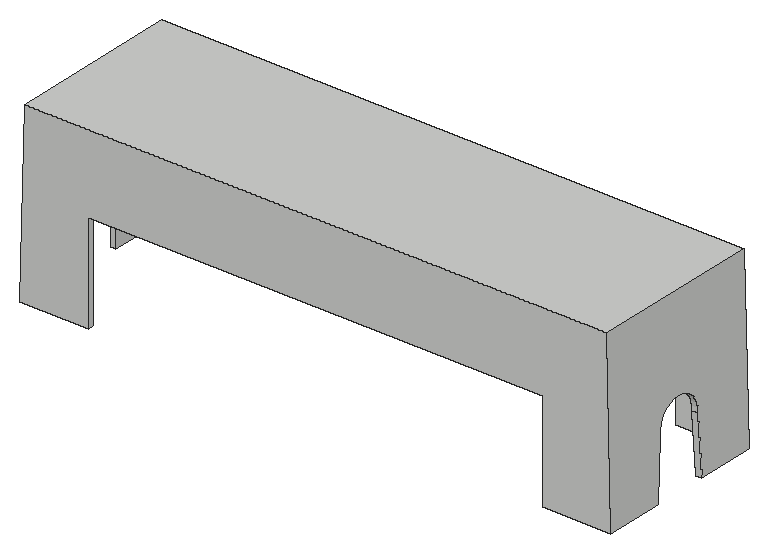
Revit family "Abdeckhaube für 1801 VDE", category Generic Models, Revit 2015
Parameters (values of type "1801 AH")
  Width = 63 mm
  URL = "http://www.obo-bettermann.com"
  Material = Polystyrene
  Manufacturer Art.No. = "5015707"
  Manufacturer = "OBO Bettermann"
  Length 3 = 213.9 mm
  Length 1 = 167 mm
  Length = 217 mm
  Height 1 = 36.5 mm
  Height = 65.5 mm
  GTIN = "4012195378617"
  Article Type = "1801 AH"
Reference planes
  plane 1 "Center (Front/Back)": y = 0
  plane 2: z = 0
  plane 3 "Center (Left/Right)": x = 0
  plane 4: y = 31.5
  plane 5: y = -31.5
  plane 6: y = 29.5
  plane 7: y = -29.5
  plane 8: x = -126
  plane 9: x = 126
Forms (mm)
  Extrusion 1, solid, material "Polystyrene" <- "Material"
    sketch origin (0, 0, 0) x (1, 0, 0) y (0, 0, 1)
      loop
        line (-108.5, 0) -> (-83.5, 0) -> (-83.5, 36.5) -> (83.5, 36.5) -> (83.5, 0) -> (108.5, 0) -> (106.95, 65.5) -> (-106.95, 65.5) -> (-108.5, 0)
    from -31.5 to 31.5
  Extrusion 2, void
    sketch origin (0, 0, 0) x (1, 0, 0) y (0, 0, 1)
      loop
        line (-104.997, 63.5) -> (-106.499, 0) -> (106.499, 0) -> (104.997, 63.5) -> (-104.997, 63.5)
    from -29.5 to 29.5
  Extrusion 3, void
    sketch origin (0, 0, 0) x (0, 1, 0) y (0, 0, 1)
      loop
        line (10, 0) -> (8.915, 21.6)
        arc (8.915, 21.6) -> (0.208, 31.211) -> (-8.5, 21.6) r 8.75
        line (-8.5, 21.6) -> (-10, 0) -> (10, 0)
    from -126 to 126
Cuts and joins
  Extrusion 2, Extrusion 3 cuts Extrusion 1
Dimensions and locks
  "Length": Extrusion 1 sketch curve to Extrusion 1 sketch curve
  equal spacing: Extrusion 1 sketch curve, plane 3 "Center (Left/Right)", Extrusion 1 sketch curve, locked at 108.5 each
  "Length 1": Extrusion 1 sketch curve to Extrusion 1 sketch curve
  equal spacing: Extrusion 1 sketch curve, plane 3 "Center (Left/Right)", Extrusion 1 sketch curve, locked at 83.5 each
  "Height": Extrusion 1 sketch curve to level
  "Length 3": Extrusion 1 sketch curve to Extrusion 1 sketch curve
  equal spacing: Extrusion 1 sketch curve, plane 3 "Center (Left/Right)", Extrusion 1 sketch curve, locked at 106.95 each
  "Height 1": Extrusion 1 sketch curve to level
  "Width": plane 4 to plane 5
  locked: plane 4 to plane 1 "Center (Front/Back)" at 31.5
  locked: Extrusion 1 to Extrusion 2 sketch curve at 2  (x3)
  locked: plane 4 to plane 6 at 2
  locked: plane 7 to plane 5 at 2
  locked: Extrusion 3 sketch curve to Extrusion 3 sketch curve at 20
  equal spacing: Extrusion 3 sketch curve, plane 1 "Center (Front/Back)", Extrusion 3 sketch curve, locked at 10 each
  locked: plane 3 "Center (Left/Right)" to plane 8 at 126
  locked: plane 9 to plane 3 "Center (Left/Right)" at 126
  aligned and locked: level to plane 2
  aligned and locked: level to Extrusion 1 sketch curve  (x2)
  aligned and locked: plane 4 to Extrusion 1
  aligned and locked: Extrusion 1 to plane 5
  aligned and locked: Extrusion 2 sketch curve to level
  aligned and locked: plane 6 to Extrusion 2
  aligned and locked: Extrusion 2 to plane 7
  aligned and locked: level to Extrusion 3 sketch curve
  aligned and locked: plane 9 to Extrusion 3
  aligned and locked: Extrusion 3 to plane 8
Automatic sketch dimensions
  plane 1 "Center (Front/Back)" to Extrusion 3 sketch curve = 8.5 mm
  Extrusion 3 sketch curve to plane 1 "Center (Front/Back)" = 0.208 mm
  Extrusion 3 sketch curve to Extrusion 3 sketch curve = 8.708 mm
  level to Extrusion 3 sketch curve = 21.6 mm
  Extrusion 3 sketch curve to Extrusion 3 sketch curve = 0.861 mm
